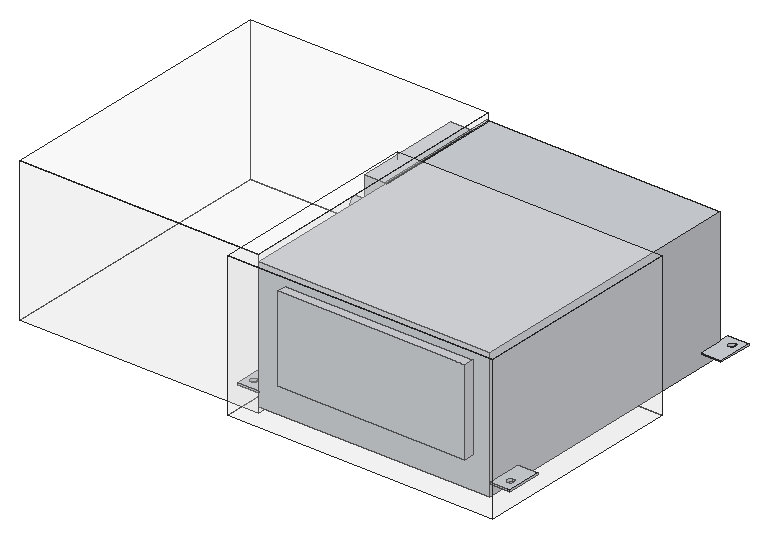
Revit family "pefy-mp45_160m_60Hz", category 機械設備, Revit 2019
Family settings
  丸型コネクタ寸法 = 直径を使用
  パーツ タイプ = 標準
  OmniClass 番号 = 23.75.10.24.21.27.27
  OmniClass タイトル = Split System Air Conditioning Units
  作業面ベース = いいえ
  常に垂直 = はい
  ロード時にボイドで切り取り = いいえ
  共有 = いいえ
  部屋計算ポイント = はい
Parameters (values of type "PEFY-MP45M")
  風量（弱）（m3／min） = 10
  風量（中）（m3／min） = 12
  風量（m3／min） = 14
  風量 = MAX風量  # 840.0 m³/h
  音響パワーレベル（弱）(dB) = 52
  音響パワーレベル（中）(dB) = 57
  音響パワーレベル(dB) = 62
  電源種別 = ""
  電源_H = 0 mm
  電圧_電気ヒーター = 0 V
  電圧 = 200 V
  電動機出力_送風機 = 0.121 kW
  運転質量 = 0.00 kg
  連動 = ""
  質量 = if(製品質量 > 運転質量, 製品質量, 運転質量) * 1.2  # 38.40 kg
  負荷分類 = 3_ファン類
  説明 = "ビル用マルチエアコン　天井埋込形室内機"
  設計暖房能力 = 0.00 kW
  設計冷房能力_顕熱 = 0 kW
  設計冷房能力 = 0 kW
  設置方法 = "天井吊（隠ぺい）形"
  記号 = ""
  製造元 = "三菱電機株式会社"
  製品質量 = 32.00 kg
  製品出荷対象 = "国内"
  製品リリース年月 = "2024/9/30"
  製品グループ = ""
  系統 = ""
  符号 = "ACP_CID"
  積算_科目 = "1 空気調和設備"
  積算_拾い区分 [instance] = ""
  相_電気ヒーター = 1
  相 = 1
  盤記号 = ""
  発停方法 = "付属スイッチ"
  特殊仕様 = ""
  点検口離隔 [instance] = if(点検口離隔入力値 > 200 mm, 200 mm, if(点検口離隔入力値 < 150 mm, 150 mm, 点検口離隔入力値))  # 150 mm
  点検口離隔入力値 [instance] = 150 mm
  点検口設置範囲 = 700 mm
  点検口位置 = 200 mm
  点検口 = yes
  火災停止 = ""
  消費電力_電気ヒーター = 0.00 kW
  消費電力_暖房 = 0.10 kW
  消費電力_加湿器 = 0.00 kW
  消費電力_冷房 = 0.10 kW
  消費電力 = if(消費電力_冷房 > 消費電力_暖房, 消費電力_冷房, 消費電力_暖房) + 消費電力_加湿器 + 消費電力_電気ヒーター  # 0.10 kW
  法定耐用年数 = "15"
  機外静圧 = 100.0 Pa
  極数 = 1
  材質 = ""
  本体マテリアル = none
  有効加湿量 = 0
  暖房能力 = 5.00 kW
  形式_加湿器 = ""
  形式 = "天井吊（隠ぺい）形（両ダクト形）"
  幹線記号 = ""
  始動方式 = "直入"
  呼称 = "室内機_天井吊（隠ぺい）形（両ダクト形）"
  周波数 = 60 Hz
  吊り幅 = if(Depth = 900 mm, 60 mm, 61 mm)  # 60 mm
  吊り位置Y = 814 mm
  吊り位置X = 754 mm
  吊りボルト_H = 41 mm  # constant formula
  台数_手元リモコン = ""
  台数_冷媒分岐ユニット = ""
  参照している仕様書等のバージョン = "公共建築工事標準仕様書（機械設備工事編）平成31年度版"
  加湿給水管径 = 0 mm
  分類コード = "50053003221070"
  分類グループ = ""
  冷房能力 = 4.5 kW
  冷媒高低圧ガス管径 = 0 mm
  冷媒管径符号 = "Ac"
  冷媒管径 = 100 mm
  冷媒液管径 = 6.35 mm
  冷媒液管_縦 = 58 mm
  冷媒液管_横 = 69 mm
  冷媒ガス管径 = 12.7 mm
  冷媒ガス管_縦 = 143 mm
  冷媒ガス管_横 = 187 mm
  企業コード = "108420"
  付属品_フィルター = ""
  付属品 = ""
  仕様書バージョン = "Version1.0"
  モデル = "PEFY-MP45M"
  ドレン管径 = 32 mm
  ドレン管_縦 = 326.5 mm
  ドレン管_横 = 430 mm
  サービススペース = yes
  コメント [instance] = ""
  ケーブル種類 = ""
  ケーブルサイズ = 1.6 mm
  Width = 745 mm
  Version = ""
  Uniclass2015Version = "Systems v1.9"
  Uniclass2015Title = "Split coil remote air cooled condensing units"
  Uniclass2015Code = "Pr_70_65_03_84"
  URL = "https://www.mitsubishielectric.co.jp/ldg/wink/qr/002/335196/"
  SpecificationReference = ""
  SpecificationDescription = ""
  S_H = Height + 20 mm  # 400 mm
  SAサイズ_W = 550 mm
  SAサイズ_D = 250 mm
  Revision = ""
  RAサイズ_W = 600 mm
  RAサイズ_D = 340 mm
  ProductInformation = ""
  OmniClassCode = "23-751024212727"
  MIN風量 = 風量（弱）（m3／min） * 60.0 m³/h  # 600.0 m³/h
  MID風量 = 風量（中）（m3／min） * 60.0 m³/h  # 720.0 m³/h
  MAX風量 = 風量（m3／min） * 60.0 m³/h  # 840.0 m³/h
  IfcTypeProduct = ""
  IfcProduct = ""
  IfcExportType = "AIRCONDITIONINGUNIT"
  IfcExportAs = "IfcUnitaryEquipmentType"
  Height = 380 mm
  Depth = 900 mm
  Clearance Top = 20 mm  # constant formula
  Clearance Right = 50 mm  # constant formula
  Clearance Left = if(Width = 745 mm, 730 mm, if(Width = 1030 mm, 1015 mm, if(Width = 1195 mm, 1180 mm, 1300 mm)))  # 730 mm
  Clearance Front = if(Depth = 900 mm, 575 mm, 650 mm)  # 575 mm
  Clearance Bottom = 20 mm  # constant formula
  Clearance Back = 50 mm  # constant formula
  Author = "三菱電機株式会社"
Types (8, lengths in mm): name | 風量（弱）（m3／min） | 風量（中）（m3／min） | 風量（m3／min） | 風量 | 音響パワーレベル（弱）(dB) | 音響パワーレベル（中）(dB) | 音響パワーレベル(dB) | 電動機出力_送風機 | 質量 | 製品質量 | 消費電力_暖房 | 消費電力_冷房 | 消費電力 | 暖房能力 | 吊り位置X | 冷房能力 | 冷媒管径符号 | 冷媒液管径 | 冷媒ガス管径 | モデル | Width | URL | SAサイズ_W | RAサイズ_W | MIN風量 | MID風量 | MAX風量 | Clearance Left
  PEFY-MP45M | 10 | 12 | 14 | 840.0 m³/h | 52 | 57 | 62 | 0.121 kW | 38.40 kg | 32.00 kg | 0.10 kW | 0.10 kW | 0.10 kW | 5.00 kW | 754 | 4.5 kW | "Ac" | 6.35 | 12.7 | "PEFY-MP45M" | 745 | "https://www.mitsubishielectric.co.jp/ldg/wink/qr/002/335196/" | 550 | 600 | 600.0 m³/h | 720.0 m³/h | 840.0 m³/h | 730
  PEFY-MP56M | 10 | 12 | 14 | 840.0 m³/h | 52 | 57 | 62 | 0.121 kW | 38.40 kg | 32.00 kg | 0.10 kW | 0.10 kW | 0.10 kW | 6.30 kW | 754 | 5.6 kW | "Ac" | 6.35 | 12.7 | "PEFY-MP56M" | 745 | "https://www.mitsubishielectric.co.jp/ldg/wink/qr/002/335197/" | 550 | 600 | 600.0 m³/h | 720.0 m³/h | 840.0 m³/h | 730
  PEFY-MP71M | 13.5 | 16 | 19 | 1140.0 m³/h | 56 | 61 | 66 | 0.121 kW | 38.40 kg | 32.00 kg | 0.15 kW | 0.15 kW | 0.15 kW | 8.00 kW | 754 | 7.1 kW | "Bd" | 9.52 | 15.88 | "PEFY-MP71M" | 745 | "https://www.mitsubishielectric.co.jp/ldg/wink/qr/002/335198/" | 550 | 600 | 810.0 m³/h | 960.0 m³/h | 1140.0 m³/h | 730
  PEFY-MP80M | 15.5 | 18 | 22 | 1320.0 m³/h | 55 | 58 | 64 | 0.244 kW | 51.60 kg | 43.00 kg | 0.15 kW | 0.15 kW | 0.15 kW | 9.00 kW | 1039 | 8 kW | "Bd" | 9.52 | 15.88 | "PEFY-MP80M" | 1030 | "https://www.mitsubishielectric.co.jp/ldg/wink/qr/002/335199/" | 835 | 885 | 930.0 m³/h | 1080.0 m³/h | 1320.0 m³/h | 1015
  PEFY-MP90M | 18 | 21.5 | 25 | 1500.0 m³/h | 55 | 60 | 65 | 0.244 kW | 51.60 kg | 43.00 kg | 0.17 kW | 0.17 kW | 0.17 kW | 10.00 kW | 1039 | 9 kW | "Bd" | 9.52 | 15.88 | "PEFY-MP90M" | 1030 | "https://www.mitsubishielectric.co.jp/ldg/wink/qr/002/335200/" | 835 | 885 | 1080.0 m³/h | 1290.0 m³/h | 1500.0 m³/h | 1015
  PEFY-MP112M | 26.5 | 32 | 38 | 2280.0 m³/h | 60 | 65 | 69 | 0.375 kW | 60.00 kg | 50.00 kg | 0.30 kW | 0.30 kW | 0.30 kW | 12.50 kW | 1204 | 11.2 kW | "Bd" | 9.52 | 15.88 | "PEFY-MP112M" | 1195 | "https://www.mitsubishielectric.co.jp/ldg/wink/qr/002/335201/" | 1000 | 1050 | 1590.0 m³/h | 1920.0 m³/h | 2280.0 m³/h | 1180
  PEFY-MP140M | 28 | 34 | 45.5 | 2730.0 m³/h | 61 | 65 | 73 | 0.375 kW | 60.00 kg | 50.00 kg | 0.41 kW | 0.41 kW | 0.41 kW | 16.00 kW | 1204 | 14 kW | "Bd" | 9.52 | 15.88 | "PEFY-MP140M" | 1195 | "https://www.mitsubishielectric.co.jp/ldg/wink/qr/002/335162/" | 1000 | 1050 | 1680.0 m³/h | 2040.0 m³/h | 2730.0 m³/h | 1180
  PEFY-MP160M | 28 | 34 | 45.5 | 2730.0 m³/h | 62 | 67 | 74 | 0.375 kW | 62.40 kg | 52.00 kg | 0.43 kW | 0.43 kW | 0.43 kW | 18.00 kW | 1204 | 16 kW | "Bd" | 9.52 | 15.88 | "PEFY-MP160M" | 1195 | "https://www.mitsubishielectric.co.jp/ldg/wink/qr/002/335161/" | 1000 | 1050 | 1680.0 m³/h | 2040.0 m³/h | 2730.0 m³/h | 1180
Reference planes
  plane 1 "中心(正面/背面)": y = -138.467
  plane 2: z = 0
  plane 3 "中心(左/右)": x = 140.396
  plane 4: z = 380
  plane 5: z = 400
  plane 6: x = 517.396
  plane 7: x = -236.604
  plane 8: y = -528.467
  plane 9: y = 285.533
  plane 10: y = -588.467
  plane 11: y = 311.533
  plane 12: x = 480.396
  plane 13: x = -264.604
  plane 14: z = -20
  plane 15: x = 540.396
  plane 16: y = -559.467
  plane 17: y = 287.533
  plane 18: y = -135.967
  plane 19: y = -362.467
  plane 20: y = 87.533
  plane 21: x = -199.604
  plane 22: x = -349.604
  plane 23: x = -899.604
  plane 24: z = 400
  plane 25: x = -249.604
  plane 26: y = -609.467
  plane 27: x = 530.396
  plane 28: y = 15.533
Lines and regions (mm)
  symbolic lines, detail levels coarse+medium
    curve 1: line (480.396, 287.533, 0) -> (-199.604, 287.533, 0)
    curve 2: line (480.396, -559.467, 0) -> (480.396, 287.533, 0)
    curve 3: line (-199.604, -559.467, 0) -> (480.396, -559.467, 0)
    curve 4: line (-199.604, 287.533, 0) -> (-199.604, -559.467, 0)
Dimensions and locks
  "S_H": plane 5 to level
  "吊り位置X": plane 6 to plane 7
  "吊り位置Y": plane 9 to plane 8
  equal spacing: plane 11, plane 1 "中心(正面/背面)", plane 10
  "Depth": plane 11 to plane 10
  "Width": plane 12 to plane 13
  "Clearance Bottom": level to plane 14
  locked: plane 8 to plane 10 at 60
  "吊り幅": plane 15 to plane 12
  locked: plane 15 to plane 6 at 23
  "Height": plane 4 to level
  locked: plane 11 to plane 17 at 24
  locked: plane 16 to plane 10 at 29
  locked: plane 20 to plane 19 at 450
  equal spacing: plane 17, plane 18, plane 16
  plane 21 to plane 7 = 37 mm
  "点検口離隔": plane 21 to plane 22
  "点検口設置範囲": plane 21 to plane 23
  "Clearance Top": plane 24 to plane 4
  "Clearance Back": plane 16 to plane 26
  "Clearance Right": plane 21 to plane 25
  "Clearance Front": plane 28 to plane 16
  "Clearance Left": plane 27 to plane 21
  "点検口位置": plane 17 to plane 20
  equal spacing: plane 6, plane 3 "中心(左/右)", plane 7
  equal spacing: plane 12, plane 3 "中心(左/右)", plane 21
  aligned and locked: level to plane 2
  aligned and locked: nested 3 to plane 6
  aligned and locked: nested 3 to plane 7
  aligned and locked: plane 8 to nested 3
  aligned and locked: nested 3 to plane 9
  aligned and locked: nested 4 to plane 3 "中心(左/右)"
  aligned and locked: plane 1 "中心(正面/背面)" to nested 4
  aligned and locked: plane 19 to nested 2
  aligned and locked: plane 20 to nested 2
  aligned and locked: nested 2 to plane 23
  aligned and locked: nested 2 to plane 22
  aligned and locked: plane 24 to nested 1
  aligned and locked: plane 24 to nested 5
  aligned and locked: plane 14 to nested 1
  aligned and locked: plane 14 to nested 5
  aligned and locked: nested 1 to plane 16
  aligned and locked: nested 1 to plane 17
  aligned and locked: nested 1 to plane 23
  aligned and locked: nested 1 to plane 21
  aligned and locked: nested 5 to plane 26
  aligned and locked: nested 5 to plane 28
  aligned and locked: nested 5 to plane 25
  aligned and locked: nested 5 to plane 27
  aligned and locked: curve 1 to nested 4
  aligned and locked: curve 2 to nested 4
  aligned and locked: curve 3 to nested 4
  aligned and locked: curve 4 to nested 1
Nested families
  nested 1: "サービススペース" at (-549.604, -135.967, 190) x (-1, 0, 0) z (0, 0, 1), visible <- "サービススペース", type "サービススペース"
    with Width 700 mm, Height 420 mm, Depth 847 mm
  nested 2: "点検口設置範囲" at (-624.604, -137.467, 0) x (-1, 0, 0) z (0, 0, 1), visible <- "点検口", type "点検口設置範囲"
    with Width 550 mm, Depth 450 mm
  nested 3: "固定点" at (517.396, 285.533, 0) x (-1, 0, 0) z (0, 0, 1), type "固定点"
    with W 754 mm, D 814 mm
  nested 4: "PEFY-MP_M" at (312.896, -138.467, 0) x (0, -1, 0) z (0, 0, 1), type "PEFY-MP_M"
    with 制御ボクス yes, ユニット表示 yes
  nested 5: "サービススペース" at (140.396, -296.967, 190) x (-1, 0, 0) z (0, 0, 1), visible <- "サービススペース", type "サービススペース"
    with Width 780 mm, Height 420 mm, Depth 625 mm
Connectors
  hvac at (155.396, -588.467, 219), driven by "SAサイズ_D", driven by "SAサイズ_W", driven by "機外静圧", driven by "風量"
    settings: on nested 4, index 1, duct flow 840.0 m³/h, flow factor 0, pres drop 100.0 Pa, loss coef 0, conn angle 0.00°, conn width 550 mm, conn height 250 mm, conn diameter 609.6 mm, duct sys type 1, conn prof type 1, flow config 0, flow direction 2, loss method 4, conn ref index -1, conn util no, is conn primary yes, conn desc ""
  hvac at (140.396, 311.533, 186), driven by "RAサイズ_D", driven by "RAサイズ_W", driven by "風量"
    settings: on nested 4, index 2, duct flow 840.0 m³/h, flow factor 0, pres drop 0.0 Pa, loss coef 0, conn angle 0.00°, conn width 600 mm, conn height 340 mm, conn diameter 609.6 mm, duct sys type 2, conn prof type 1, flow config 0, flow direction 1, loss method 4, conn ref index -1, conn util no, is conn primary no, conn desc ""
  piping at (-264.604, -337.967, 172), diameter 100, driven by "冷媒管径", driven by "冷媒管径符号"
    settings: on nested 4, index 3, connector inside diameter 609.6 mm, connector length 0 mm, flow factor 0, pipe flow 0.0 L/s, pressure drop 0.0 Pa, fitting loss kfactor 0, connector angle 0.00°, fixture units 0, engagement length 0 mm, angle of deflection 0.00°, flow configuration 1, flow direction 1, fitting loss method 4, system type 7, joint type 0, gender type 0, connector reference index -1, connector utility 0, adjustable connector no, is connector primary yes, connector description "Ac"
  piping at (-261.604, -129.467, 326.5), diameter 32, driven by "ドレン管径"
    settings: on nested 4, index 4, connector inside diameter 609.6 mm, connector length 0 mm, flow factor 0, pipe flow 0.0 L/s, pressure drop 0.0 Pa, fitting loss kfactor 0, connector angle 0.00°, fixture units 0, engagement length 0 mm, angle of deflection 0.00°, flow configuration 1, flow direction 2, fitting loss method 4, system type 16, joint type 0, gender type 0, connector reference index -1, connector utility 0, adjustable connector no, is connector primary no, connector description ""
  electrical at (-209.604, 117.533, 60), driven by "極数", driven by "負荷分類", driven by "電圧", driven by "消費電力"
    settings: on nested 4, index 5, voltage 200 V, apparent load 100 VA, apparent load phase1 0 VA, apparent load phase2 0 VA, apparent load phase3 0 VA, power factor 1, load classification "3_ファン類", number of poles 1, system type 30, power factor state 1, is connector primary yes, connector utility no, sub classification motor no, connector description ""
  piping at (-219.604, -214.967, 30), diameter 32, driven by "ドレン管径"
    settings: on nested 4, index 6, connector inside diameter 609.6 mm, connector length 0 mm, flow factor 0, pipe flow 0.0 L/s, pressure drop 0.0 Pa, fitting loss kfactor 0, connector angle 0.00°, fixture units 0, engagement length 0 mm, angle of deflection 0.00°, flow configuration 1, flow direction 2, fitting loss method 4, system type 16, joint type 0, gender type 0, connector reference index -1, connector utility 0, adjustable connector no, is connector primary no, connector description ""
Definition of nested family "サービススペース"
  Parameters (values of type "サービススペース")
    Width [instance] = 500 mm
    Height [instance] = 500 mm
    Depth [instance] = 500 mm
  Reference planes
    plane 1 "中心(正面/背面)": y = 0
    plane 2: z = 0
    plane 3 "中心(左/右)": x = 0
    plane 4: y = -250
    plane 5: x = 250
    plane 6: y = 250
    plane 7: x = -250
    plane 8: z = 250
    plane 9: z = -250
  Forms (mm)
    Extrusion 1, solid
      sketch origin (-638.939, 0, 72.39) x (1, 0, 0) y (0, 1, 0)
        loop
          line (388.939, 250) -> (388.939, -250) -> (888.939, -250) -> (888.939, 250) -> (388.939, 250)
      from -322.39 to 177.61
  Lines and regions (mm)
    symbolic lines
      curve 1: line (-250, 0, 250) -> (250, 0, 250)
      curve 2: line (-250, 0, -250) -> (-250, 0, 250)
      curve 3: line (250, 0, -250) -> (-250, 0, -250)
      curve 4: line (250, 0, 250) -> (250, 0, -250)
      curve 5: line (0, -250, 250) -> (0, 250, 250)
      curve 6: line (0, -250, -250) -> (0, -250, 250)
      curve 7: line (0, 250, -250) -> (0, -250, -250)
      curve 8: line (0, 250, 250) -> (0, 250, -250)
      curve 9: line (-250, 250, 0) -> (250, 250, 0)
      curve 10: line (-250, -250, 0) -> (-250, 250, 0)
      curve 11: line (250, -250, 0) -> (-250, -250, 0)
      curve 12: line (250, 250, 0) -> (250, -250, 0)
  Dimensions and locks
    equal spacing: plane 7, plane 3 "中心(左/右)", plane 5
    equal spacing: plane 4, plane 1 "中心(正面/背面)", plane 6
    "Depth": plane 4 to plane 6
    "Width": plane 7 to plane 5
    equal spacing: plane 8, plane 2, plane 9
    "Height": plane 8 to plane 9
    aligned and locked: plane 9 to curve 3
    aligned and locked: plane 7 to curve 2
    aligned and locked: curve 4 to plane 5
    aligned and locked: plane 5 to Extrusion 1
    aligned and locked: Extrusion 1 to plane 7
    aligned and locked: Extrusion 1 to plane 9
    aligned and locked: plane 8 to Extrusion 1
    aligned and locked: plane 9 to curve 7
  Automatic sketch dimensions
    plane 4 to Extrusion 1 sketch curve = 0 mm
    Extrusion 1 sketch curve to plane 7 = 0 mm
    Extrusion 1 sketch curve to plane 5 = 0 mm
    plane 6 to Extrusion 1 sketch curve = 0 mm
    curve 2 to plane 8 = 0 mm
    plane 4 to curve 11 = 0 mm
    curve 11 to plane 7 = 0 mm
    curve 11 to plane 5 = 0 mm
    plane 6 to curve 10 = 0 mm
    curve 7 to plane 4 = 0 mm
    curve 7 to plane 6 = 0 mm
    curve 6 to plane 8 = 0 mm
Definition of nested family "PEFY-MP_M"
  Parameters (values of type "PEFY-MP○○○M")
    配線取出口サイズ = 36 mm
    配線取出口-Z = 60 mm  # constant formula
    配線取出口-Y = 10 mm  # constant formula
    配線取出口-X = 50 mm  # constant formula
    制御ボクス [instance] = and(ユニット表示, 幅さ = 900 mm)  # yes
    冷媒液配管サイズ = 6.35 mm
    y = if(幅さ = 900 mm, 65 mm, 0 mm)  # 65 mm
    e = if(幅さ = 900 mm, 80 mm, 100 mm)  # 80 mm
    d = if(幅さ = 900 mm, 40 mm, 102 mm)  # 40 mm
    R2 = 250 mm
    R1 = if(幅さ = 900 mm, 94 mm, 105 mm)  # 94 mm
    L2 = 340 mm
    L1 = if(幅さ = 900 mm, 16 mm, 20 mm)  # 16 mm
    E = 550 mm
    C = 680 mm
    A = if(奥行き = 745 mm, 800 mm, if(奥行き = 1030 mm, 1085 mm, if(奥行き = 1195 mm, 1250 mm, 1372 mm)))  # 800 mm
    高さ = 380 mm
    奥行き = 745 mm
    吊りボルト_H = 167 mm
    冷媒配管 = 100 mm
    冷媒液管径-Z = 58 mm
    冷媒液管径-X = 69 mm
    冷媒ガス管径-Z = 143 mm
    冷媒ガス管径-X = 187 mm
    ユニット表示 [instance] = yes
    吊りボルトピッチ = 814 mm
    ドレン配管サイズ = 32 mm
    ドレン管径-Z = 326.5 mm
    ドレン管径-Y = 10 mm  # constant formula
    ドレン管径-X = 430 mm
    冷媒ガス配管サイズ = 12.7 mm
    D = 600 mm
    幅さ = 900 mm
    B = 754 mm
  Reference planes
    plane 1 "中心(正面/背面)": y = -172.5
    plane 2: z = 0
    plane 3 "中心(左/右)": x = 0
    plane 4: z = 380
    plane 5: z = -20
    plane 6: x = -450
    plane 7: x = 450
    plane 8: y = -572.5
    plane 9: z = 400
    plane 10: y = 167.5
    plane 11: y = -512.5
    plane 12: x = -426
    plane 13: x = 421
    plane 14: z = 41
    plane 15: z = 36
    plane 16: y = 117.5
    plane 17: y = -432.5
    plane 18: y = 127.5
    plane 19: y = -472.5
    plane 20: y = 204.5
    plane 21: z = 356
    plane 22: z = 16
    plane 23: z = 94
    plane 24: z = 344
    plane 25: y = -577.5
    plane 26: x = -366
    plane 27: x = -306
    plane 28: z = 120
    plane 29: z = 170
    plane 30: y = -517.5
    plane 31: x = -454
    plane 32: x = 390
    plane 33: x = -424
    plane 34: x = -354
    plane 35: x = 321
    plane 36: y = 227.5
    plane 37: y = -549.5
    plane 38: y = -577.5
    plane 39: x = 234
    plane 40: z = 143
    plane 41: x = 165
    plane 42: z = 201
    plane 43: x = 199.5
    plane 44: z = 172
    plane 45: x = -9
    plane 46: x = -50
    plane 47: z = 326.5
    plane 48: x = -256
    plane 49: z = 60
    plane 50: z = 30
    plane 51: x = 76.5
  Forms (mm)
    Extrusion 1, solid, visible <- "ユニット表示", detail levels fine
      sketch origin (0, 0, 0) x (1, 0, 0) y (0, 1, 0)
        loop
          line (-426, 167.5) -> (-426, -512.5) -> (421, -512.5) -> (421, 167.5) -> (-426, 167.5)
      from 0 to 380
    Extrusion 2, solid, visible <- "ユニット表示", detail levels fine
      sketch origin (0, 0, 0) x (1, 0, 0) y (0, 1, 0)
        loop
          line (-450, 127.5) -> (-450, -472.5) -> (-426, -472.5) -> (-426, 127.5) -> (-450, 127.5)
      from 16 to 356
    Extrusion 3, solid, visible <- "ユニット表示", detail levels fine
      sketch origin (0, 0, 0) x (1, 0, 0) y (0, 1, 0)
        loop
          line (450, 117.5) -> (421, 117.5) -> (421, -432.5) -> (450, -432.5) -> (450, 117.5)
      from 94 to 344
    Extrusion 4, solid, visible <- "ユニット表示", detail levels fine
      sketch origin (1480.036, -512.5, 1200) x (1, 0, 0) y (0, 0, 1)
        loop
          line (-1906.036, -820) -> (-1906.036, -1080) -> (-1786.036, -1200) -> (-1530.036, -1200) -> (-1530.036, -820) -> (-1906.036, -820)
      from 0 to 5
    Extrusion 5, solid, visible <- "制御ボクス", detail levels fine
      sketch origin (1480.036, -517.5, 1200) x (1, 0, 0) y (0, 0, 1)
        loop
          line (-1786.036, -1030) -> (-1786.036, -1184) -> (-1530.036, -1184) -> (-1530.036, -820) -> (-1846.036, -820) -> (-1846.036, -1030) -> (-1786.036, -1030)
      from 0 to 60
    Extrusion 6, solid, visible <- "ユニット表示", detail levels fine
      sketch origin (-1437.329, -1524, 36) x (-1, 0, 0) y (0, -1, 0)
        loop
          line (-1083.329, -1751.5) -> (-983.329, -1751.5) -> (-983.329, -1691.5) -> (-1083.329, -1691.5) -> (-1083.329, -1751.5)
        loop
          line (-1758.329, -1751.5) -> (-1758.329, -1691.5) -> (-1858.329, -1691.5) -> (-1858.329, -1751.5) -> (-1758.329, -1751.5)
        loop
          line (-1758.329, -951.5) -> (-1858.329, -951.5) -> (-1858.329, -1011.5) -> (-1758.329, -1011.5) -> (-1758.329, -951.5)
        loop
          line (-983.329, -1011.5) -> (-983.329, -951.5) -> (-1083.329, -951.5) -> (-1083.329, -1011.5) -> (-983.329, -1011.5)
        loop
          circle (-1013.329, -1728.5) r 10
        loop
          circle (-1827.329, -1728.5) r 10
        loop
          circle (-1827.329, -974.5) r 10
        loop
          circle (-1013.329, -974.5) r 10
      from 0 to 5
    Extrusion 7, solid, visible <- "ユニット表示", detail levels fine
      sketch origin (1480.036, -512.5, 1200) x (1, 0, 0) y (0, 0, 1)
        loop
          circle (-1246.036, -1057) r 6.35
      from 0 to 75
    Extrusion 8, solid, visible <- "ユニット表示", detail levels fine
      sketch origin (1480.036, -512.5, 1200) x (1, 0, 0) y (0, 0, 1)
        loop
          circle (-1315.036, -999) r 3.175
      from 0 to 62
    Extrusion 9, solid, visible <- "ユニット表示", detail levels fine
      sketch origin (1480.036, -512.5, 1200) x (1, 0, 0) y (0, 0, 1)
        loop
          circle (-1280.536, -1028) r 50
      from 0 to 65
    Extrusion 10, solid, visible <- "ユニット表示", detail levels fine
      sketch origin (1480.036, -512.5, 1200) x (1, 0, 0) y (0, 0, 1)
        loop
          circle (-1489.036, -873.5) r 16
      from 0 to 62
    Extrusion 11, solid, visible <- "ユニット表示", detail levels fine
      sketch origin (1480.036, -512.5, 1200) x (1, 0, 0) y (0, 0, 1)
        loop
          circle (-1736.036, -1140) r 18
      from 0 to 10
    Extrusion 12, solid, detail levels coarse+medium
      sketch origin (-1437.329, -1524, 36) x (-1, 0, 0) y (0, -1, 0)
        loop
          line (-1858.329, -1691.5) -> (-1011.329, -1691.5) -> (-1011.329, -1011.5) -> (-1858.329, -1011.5) -> (-1858.329, -1691.5)
      from -36 to 344
    Extrusion 13, solid, detail levels fine
      sketch origin (1480.036, -512.5, 1200) x (1, 0, 0) y (0, 0, 1)
        loop
          circle (-1403.536, -1170) r 16
      from 0 to 20
  Dimensions and locks
    locked: level to plane 5 at 20
    equal spacing: plane 6, plane 3 "中心(左/右)", plane 7
    "幅さ": plane 6 to plane 7
    locked: plane 9 to plane 4 at 20
    "高さ": plane 4 to level
    locked: plane 6 to plane 12 at 24
    locked: plane 13 to plane 7 at 29
    locked: plane 14 to level at 41
    locked: plane 14 to plane 15 at 5
    "D": plane 19 to plane 18
    "E": plane 17 to plane 16
    "L1": plane 22 to level
    "R2": plane 24 to plane 23
    "R1": plane 23 to level
    "L2": plane 21 to plane 22
    "e": plane 11 to plane 17
    "d": plane 11 to plane 19
    "奥行き": plane 25 to plane 10
    plane 12 to plane 26 to plane 27 = 60 mm locked, 60 mm locked
    locked: plane 28 to level at 120
    locked: plane 29 to plane 28 at 50
    locked: plane 30 to plane 11 at 5
    locked: plane 31 to plane 6 at 4
    locked: plane 32 to plane 7 at 60
    "吊りボルトピッチ": plane 33 to plane 32
    locked: plane 31 to plane 34 at 100
    locked: plane 35 to plane 13 at 100
    "y": plane 25 to plane 11
    "B": plane 37 to plane 20
    plane 8 to plane 37 = 23 mm
    locked: plane 38 to plane 30 at 60
    "冷媒ガス管径-Z": plane 40 to level
    "冷媒ガス管径-X": plane 39 to plane 13
    "冷媒液管径-X": plane 41 to plane 39
    "冷媒液管径-Z": plane 42 to plane 40
    equal spacing: plane 42, plane 44, plane 40
    equal spacing: plane 41, plane 43, plane 39
    "ドレン管径-X": plane 45 to plane 13
    locked: plane 46 to plane 3 "中心(左/右)" at 50
    "ドレン管径-Z": plane 47 to level
    locked: plane 27 to plane 48 at 50
    "配線取出口-Z": plane 49 to level
    "A": plane 8 to plane 36
    equal spacing: plane 11, plane 1 "中心(正面/背面)", plane 10
    equal spacing: plane 8, plane 1 "中心(正面/背面)", plane 36
    equal spacing: plane 37, plane 1 "中心(正面/背面)", plane 20
    plane 50 to Extrusion 12 = 30 mm
    plane 51 to Extrusion 12 = 344.5 mm
    diameter of Extrusion 6 sketch curve = 20 mm  (x4)
    "冷媒ガス配管サイズ": diameter of Extrusion 7 sketch curve
    "冷媒液配管サイズ": diameter of Extrusion 8 sketch curve
    "冷媒配管": diameter of Extrusion 9 sketch curve
    "ドレン配管サイズ": diameter of Extrusion 10 sketch curve
    "配線取出口サイズ": diameter of Extrusion 11 sketch curve
    diameter of Extrusion 13 sketch curve = 32 mm
    aligned and locked: level to plane 2
    aligned and locked: plane 10 to Extrusion 1 sketch curve
    aligned and locked: plane 12 to Extrusion 1 sketch curve
    aligned and locked: Extrusion 1 sketch curve to plane 11
    aligned and locked: Extrusion 1 sketch curve to plane 13
    aligned and locked: Extrusion 1 to level
    aligned and locked: plane 4 to Extrusion 1
    aligned and locked: plane 18 to Extrusion 2 sketch curve
    aligned and locked: Extrusion 2 sketch curve to plane 19
    aligned and locked: Extrusion 2 sketch curve to plane 12
    aligned and locked: plane 6 to Extrusion 2 sketch curve
    aligned and locked: Extrusion 2 to plane 22
    aligned and locked: plane 21 to Extrusion 2
    aligned and locked: Extrusion 3 sketch curve to plane 16
    aligned and locked: plane 17 to Extrusion 3 sketch curve
    aligned and locked: Extrusion 3 sketch curve to plane 13
    aligned and locked: plane 7 to Extrusion 3 sketch curve
    aligned and locked: Extrusion 3 to plane 23
    aligned and locked: plane 24 to Extrusion 3
    aligned and locked: Extrusion 4 sketch curve to plane 4
    aligned and locked: Extrusion 4 sketch curve to plane 12
    aligned and locked: Extrusion 4 sketch curve to level
    aligned and locked: Extrusion 4 to plane 11
    aligned and locked: plane 30 to Extrusion 4
    aligned and locked: Extrusion 5 sketch curve to plane 27
    aligned and locked: Extrusion 5 sketch curve to plane 29
    aligned and locked: Extrusion 5 sketch curve to plane 26
    aligned and locked: Extrusion 5 sketch curve to plane 4
    aligned and locked: Extrusion 5 sketch curve to plane 22
    aligned and locked: Extrusion 5 to plane 30
    aligned and locked: Extrusion 6 sketch curve to plane 36
    aligned and locked: plane 34 to Extrusion 6 sketch curve
    aligned and locked: plane 10 to Extrusion 6 sketch curve
    aligned and locked: Extrusion 6 sketch curve to plane 31
    aligned and locked: plane 36 to Extrusion 6 sketch curve
    aligned and locked: plane 35 to Extrusion 6 sketch curve
    aligned and locked: Extrusion 6 sketch curve to Extrusion 1  (x4)
    aligned and locked: plane 8 to Extrusion 6 sketch curve
    aligned and locked: Extrusion 6 sketch curve to plane 35
    aligned and locked: plane 11 to Extrusion 6 sketch curve
    aligned and locked: plane 31 to Extrusion 6 sketch curve
    aligned and locked: Extrusion 6 sketch curve to plane 8
    aligned and locked: Extrusion 6 sketch curve to plane 34
    aligned and locked: plane 37 to Extrusion 6 sketch curve  (x2)
    aligned and locked: plane 33 to Extrusion 6 sketch curve  (x2)
    aligned and locked: plane 32 to Extrusion 6 sketch curve  (x2)
    aligned and locked: plane 20 to Extrusion 6 sketch curve  (x2)
    aligned and locked: Extrusion 6 to plane 15
    aligned and locked: plane 14 to Extrusion 6
    aligned and locked: plane 38 to Extrusion 5
    aligned and locked: plane 40 to Extrusion 7 sketch curve
    aligned and locked: plane 39 to Extrusion 7 sketch curve
    aligned and locked: Extrusion 7 to plane 11
    aligned and locked: plane 42 to Extrusion 8 sketch curve
    aligned and locked: plane 41 to Extrusion 8 sketch curve
    aligned and locked: Extrusion 8 to plane 11
    aligned and locked: Extrusion 9 to plane 11
    aligned and locked: Extrusion 5 sketch curve to plane 46
    aligned and locked: Extrusion 4 sketch curve to plane 46
    aligned and locked: plane 47 to Extrusion 10 sketch curve
    aligned and locked: plane 45 to Extrusion 10 sketch curve
    aligned and locked: Extrusion 10 to plane 11
    aligned and locked: plane 49 to Extrusion 11 sketch curve
    aligned and locked: plane 48 to Extrusion 11 sketch curve
    aligned and locked: Extrusion 11 to plane 11
    aligned and locked: plane 44 to Extrusion 9 sketch curve
    aligned and locked: plane 43 to Extrusion 9 sketch curve
    aligned and locked: Extrusion 12 sketch curve to Extrusion 1  (x4)
    aligned and locked: Extrusion 12 to Extrusion 1  (x2)
  Automatic sketch dimensions
    Extrusion 4 sketch curve to plane 27 = 0 mm
    Extrusion 4 sketch curve to plane 28 = 0 mm
    Extrusion 13 sketch curve to plane 50 = 0 mm
    plane 51 to Extrusion 13 sketch curve = 0 mm
Definition of nested family "点検口設置範囲"
  Parameters (values of type "点検口設置範囲")
    Width [instance] = 1000 mm
    Depth [instance] = 700 mm
  Reference planes
    plane 1 "中心(正面/背面)": y = 0
    plane 2: z = 0
    plane 3 "中心(左/右)": x = 0
    plane 4: x = -500
    plane 5: x = 500
    plane 6: y = -350
    plane 7: y = 350
  Lines and regions (mm)
    model lines
      curve 1: line (-500, 350, 0) -> (500, 350, 0)
      curve 2: line (-500, -350, 0) -> (-500, 350, 0)
      curve 3: line (500, -350, 0) -> (-500, -350, 0)
      curve 4: line (500, 350, 0) -> (500, -350, 0)
  Dimensions and locks
    "Depth": plane 7 to plane 6
    "Width": plane 4 to plane 5
    equal spacing: plane 7, plane 1 "中心(正面/背面)", plane 6
    equal spacing: plane 4, plane 3 "中心(左/右)", plane 5
    aligned and locked: level to plane 2
    aligned and locked: plane 4 to curve 2
    aligned and locked: curve 1 to plane 7
    aligned and locked: curve 4 to plane 5
    aligned and locked: plane 6 to curve 3
Definition of nested family "固定点"
  Parameters (values of type "固定点")
    中心円 = 20 mm
    W [instance] = 1000 mm
    D [instance] = 1000 mm
  Reference planes
    plane 1 "中心(正面/背面)": y = 0
    plane 2: z = 0
    plane 3 "中心(左/右)": x = 0
    plane 4: x = 1000
    plane 5: y = 1000
  Lines and regions (mm)
    symbolic lines, detail levels fine
      curve 1: circle (0, 1000, 0) r 10 normal (0, 0, 1)
      curve 2: circle (0, 0, 0) r 10 normal (0, 0, 1)
      curve 3: circle (1000, 1000, 0) r 10 normal (0, 0, 1)
      curve 4: circle (1000, 0, 0) r 10 normal (0, 0, 1)
      curve 5: line (-200, 1000, 0) -> (1200, 1000, 0)
      curve 6: line (-200, 0, 0) -> (1200, 0, 0)
      curve 7: line (0, 1200, 0) -> (0, -200, 0)
      curve 8: line (1000, 1200, 0) -> (1000, -200, 0)
  Dimensions and locks
    "W": plane 3 "中心(左/右)" to plane 4
    "D": plane 1 "中心(正面/背面)" to plane 5
    "中心円": diameter of curve 1
    "中心円": diameter of curve 2
    "中心円": diameter of curve 3
    "中心円": diameter of curve 4
    aligned and locked: level to plane 2
    aligned and locked: plane 5 to curve 1
    aligned and locked: plane 3 "中心(左/右)" to curve 1
    aligned and locked: plane 3 "中心(左/右)" to curve 2
    aligned and locked: plane 1 "中心(正面/背面)" to curve 2
    aligned and locked: plane 4 to curve 3
    aligned and locked: plane 5 to curve 3
    aligned and locked: plane 1 "中心(正面/背面)" to curve 4
    aligned and locked: plane 4 to curve 4
    aligned and locked: plane 1 "中心(正面/背面)" to curve 6
    aligned and locked: curve 7 to plane 3 "中心(左/右)"
    aligned and locked: curve 8 to plane 4
  Automatic sketch dimensions
    curve 5 to plane 5 = 0 mm
    curve 6 to plane 3 "中心(左/右)" = 200 mm
    curve 5 to plane 3 "中心(左/右)" = 200 mm
    curve 4 to curve 6 = 200 mm
    curve 3 to curve 5 = 200 mm
    plane 1 "中心(正面/背面)" to curve 8 = 200 mm
    plane 1 "中心(正面/背面)" to curve 7 = 200 mm
    curve 3 to curve 8 = 200 mm
    curve 1 to curve 7 = 200 mm
